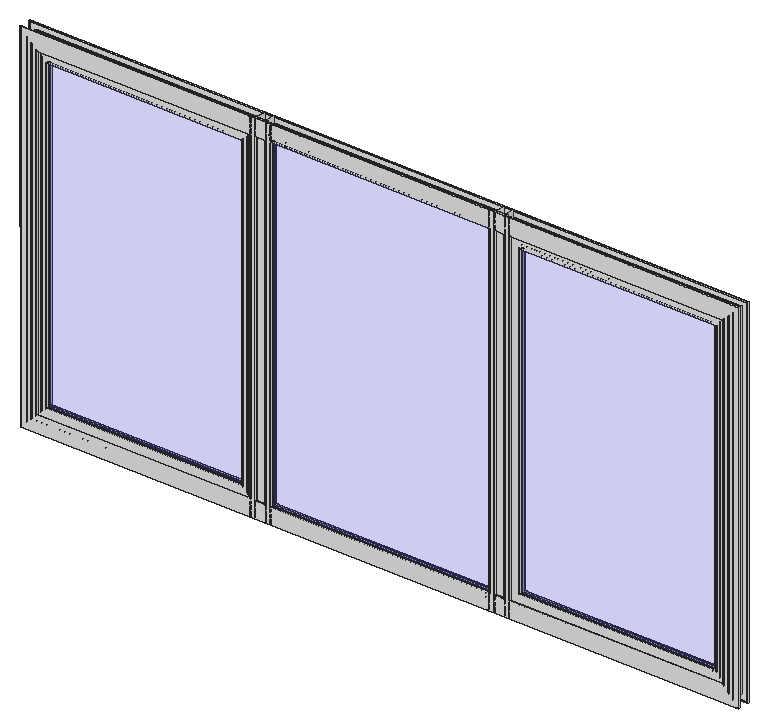
Revit family "WAL_A3-Classic-Side-Hung-1800x900-PSS189", category Windows, host Wall, Revit 2016
Family settings
  Host = Wall
  Always vertical = Yes
  Cut with Voids When Loaded = No
  Shared = No
  Room Calculation Point = No
Parameters (values of type "600 x 900 PSS189")
  URL = "www.agi.co.za"
  Trim Material = Metal - Aluminium
  Model = "Top Hung"
  Manufacturer Code = "PSS189"
  Manufacturer = "AGI Aluminium"
  Height = 900 mm
  Glass Material = Glass
  Frame Material = Metal - Aluminium
  Description = "Classic Side Hung"
  Default Sill Height = 800 mm
  Wall Closure = By host
  Width = 1800 mm
  Assembly Code = "B2020110"
Reference planes
  plane 1 "Center": y = 0
  plane 2 "Center (Left/Right)": x = 0
  plane 3 "Left": x = -900
  plane 4 "Right": x = 900
  plane 5 "Sill": z = 800
  plane 6 "Head": z = 1700
  plane 7 "Exterior": y = 75
  plane 8 "Interior": y = -75
  plane 9: z = 1702
  plane 10: x = 902
  plane 11: x = -902
  plane 12: z = 798
  plane 13: z = 1664
  plane 14: z = 836
  plane 15: x = 864
  plane 16: x = -864
  plane 17: x = 300
  plane 18: x = 284
  plane 19: x = 322
  plane 20: x = -300
  plane 21: x = -284
  plane 22: x = -322
  plane 23: z = 1686.1
  plane 24: z = 813.9
Forms (mm)
  Sweep 1, solid, material "Metal - Aluminium", detail levels medium+fine
    path origin (0, 0, 0) x (1, 0, 0) y (0, 0, 1)
      loop
        line (900, 1700) -> (-900, 1700) -> (-900, 800) -> (900, 800) -> (900, 1700)
    profile "Frame : Frame" origin (0, 0, 1700) x (0, 0, -1) y (0, -1, 0)
      loop
        line (0, -30) -> (28, -30) -> (28, -29) -> (26, -29) -> (26, -1) -> (28, -1) -> (28, -7) -> (29, -7) -> (29, -1) -> (37, -1) -> (37, -3.645) -> (38, -3.645) -> (38, -1) -> (40, -1) -> (40, -3.645) -> (41, -3.645) -> (41, 0) -> (0, 0) -> (0, -2) -> (1, -2) -> (1, -1) -> (15.005, -1) -> (15.005, -4) -> (16.005, -4) -> (16.005, -1) -> (25, -1) -> (25, -29) -> (16.005, -29) -> (16.005, -26) -> (15.005, -26) -> (15.005, -29) -> (1, -29) -> (1, -28) -> (0, -28) -> (0, -30)
  Sweep 2, solid, material "Metal - Aluminium", detail levels medium+fine
    path origin (0, 0, 0) x (1, 0, 0) y (0, 0, 1)
      loop
        line (300, 1700) -> (300, 800)
    profile "30 x 50 Center Divide : 30 x 50 Center Divide" origin (300, 0, 1250) x (1, 0, 0) y (0, -1, 0)
      loop
        line (-11, -5) -> (-11, -29) -> (11, -29) -> (11, -5) -> (-11, -5)
      loop
        line (-27.011, 0) -> (-27.011, -3.245) -> (-26.011, -3.245) -> (-26.011, -1) -> (-24.011, -1) -> (-24.011, -3.245) -> (-23.011, -3.245) -> (-23.011, -1) -> (-15.011, -1) -> (-15.011, -6.6) -> (-14.011, -6.6) -> (-14.011, -1) -> (-13.142, -1) -> (-12, -5.263) -> (-12, -29) -> (-14, -29) -> (-14, -30) -> (14, -30) -> (14, -29) -> (12, -29) -> (12, -5.263) -> (13.142, -1) -> (14, -1) -> (14, -7) -> (15, -7) -> (15, -1) -> (23, -1) -> (23, -3.645) -> (24, -3.645) -> (24, -1) -> (26, -1) -> (26, -3.645) -> (27, -3.645) -> (27, 0) -> (12.375, 0) -> (11.303, -4) -> (-11.303, -4) -> (-12.375, 0) -> (-27.011, 0)
  Sweep 3, solid, material "Metal - Aluminium", detail levels medium+fine
    path origin (0, 0, 0) x (-1, 0, 0) y (0, 0, 1)
      loop
        line (300, 1700) -> (300, 800)
    profile "30 x 50 Center Divide : 30 x 50 Center Divide" origin (-300, 0, 1250) x (1, 0, 0) y (0, -1, 0)
      loop
        line (11, -5) -> (-11, -5) -> (-11, -29) -> (11, -29) -> (11, -5)
      loop
        line (27.011, 0) -> (12.375, 0) -> (11.303, -4) -> (-11.303, -4) -> (-12.375, 0) -> (-27, 0) -> (-27, -3.645) -> (-26, -3.645) -> (-26, -1) -> (-24, -1) -> (-24, -3.645) -> (-23, -3.645) -> (-23, -1) -> (-15, -1) -> (-15, -7) -> (-14, -7) -> (-14, -1) -> (-13.142, -1) -> (-12, -5.263) -> (-12, -29) -> (-14, -29) -> (-14, -30) -> (14, -30) -> (14, -29) -> (12, -29) -> (12, -5.263) -> (13.142, -1) -> (14.011, -1) -> (14.011, -6.6) -> (15.011, -6.6) -> (15.011, -1) -> (23.011, -1) -> (23.011, -3.245) -> (24.011, -3.245) -> (24.011, -1) -> (26.011, -1) -> (26.011, -3.245) -> (27.011, -3.245) -> (27.011, 0)
  Sweep 4, solid, material "Metal - Aluminium", detail levels medium+fine
    path origin (0, 0, 0) x (1, 0, 0) y (0, 0, 1)
      loop
        line (902, 1702) -> (284, 1702) -> (284, 798) -> (902, 798) -> (902, 1702)
    profile "Casement : Casement" origin (593, 0, 1702) x (0, 0, -1) y (0, -1, 0)
      loop
        line (40, -4.645) -> (40, -32.645) -> (49, -32.645) -> (49, -4.645) -> (40, -4.645)
      loop
        line (65, -3.645) -> (37, -3.645) -> (37, -4.645) -> (39, -4.645) -> (39, -32.645) -> (37, -32.645) -> (37, -26.645) -> (36, -26.645) -> (36, -32.645) -> (28, -32.645) -> (28, -30) -> (27, -30) -> (27, -32.645) -> (25, -32.645) -> (25, -30) -> (24, -30) -> (24, -33.645) -> (50, -33.645) -> (50, -4.645) -> (52, -4.645) -> (52, -10.645) -> (53, -10.645) -> (53, -4.645) -> (61, -4.645) -> (61, -7.289) -> (62, -7.289) -> (62, -4.645) -> (64, -4.645) -> (64, -7.289) -> (65, -7.289) -> (65, -3.645)
  Sweep 5, solid, material "Metal - Aluminium", detail levels medium+fine
    path origin (0, 0, 0) x (-1, 0, 0) y (0, 0, 1)
      loop
        line (902, 1702) -> (284, 1702) -> (284, 798) -> (902, 798) -> (902, 1702)
    profile "Casement : Casement" origin (-593, 0, 1702) x (0, 0, 1) y (0, -1, 0)
      loop
        line (-40, -4.645) -> (-49, -4.645) -> (-49, -32.645) -> (-40, -32.645) -> (-40, -4.645)
      loop
        line (-65, -3.645) -> (-65, -7.289) -> (-64, -7.289) -> (-64, -4.645) -> (-62, -4.645) -> (-62, -7.289) -> (-61, -7.289) -> (-61, -4.645) -> (-53, -4.645) -> (-53, -10.645) -> (-52, -10.645) -> (-52, -4.645) -> (-50, -4.645) -> (-50, -33.645) -> (-24, -33.645) -> (-24, -30) -> (-25, -30) -> (-25, -32.645) -> (-27, -32.645) -> (-27, -30) -> (-28, -30) -> (-28, -32.645) -> (-36, -32.645) -> (-36, -26.645) -> (-37, -26.645) -> (-37, -32.645) -> (-39, -32.645) -> (-39, -4.645) -> (-37, -4.645) -> (-37, -3.645) -> (-65, -3.645)
  Sweep 6, solid, material "Metal - Aluminium", detail levels medium+fine
    path origin (0, 0, 0) x (1, 0, 0) y (0, 0, 1)
      loop
        line (300, 1686.1) -> (-300, 1686.1) -> (-300, 813.9) -> (300, 813.9) -> (300, 1686.1)
    profile "Trim : Trim" origin (0, 0, 1686.1) x (0, 0, -1) y (0, -1, 0)
      loop
        line (24.555, -1.643) -> (24.555, -4.05)
        arc (24.555, -4.05) -> (23.436, -4.753) -> (23, -6) r 2
        line (23, -6) -> (27, -6)
        arc (27, -6) -> (26.552, -4.739) -> (25.41, -4.042) r 2
        line (25.41, -4.042) -> (25.41, -1.643) -> (24.555, -1.643)
      loop
        line (14, -29) -> (29, -14) -> (29, -12.474) -> (26.323, -12.474)
        arc (26.323, -12.474) -> (26.823, -11.797) -> (27, -10.974) r 2
        line (27, -10.974) -> (23, -10.974)
        arc (23, -10.974) -> (23.177, -11.797) -> (23.677, -12.474) r 2
        line (23.677, -12.474) -> (13.467, -12.474) -> (13.467, -4) -> (12.5, -4) -> (12.5, -13.474) -> (20.535, -13.474) -> (24.323, -17.263) -> (12.586, -29) -> (14, -29)
  Sweep 7, solid, material "Metal - Aluminium", detail levels medium+fine
    path origin (0, 0, 0) x (1, 0, 0) y (0, 0, 1)
      loop
        line (864, 1664) -> (322, 1664) -> (322, 836) -> (864, 836) -> (864, 1664)
    profile "Trim : Trim" origin (593, 0, 1664) x (0, 0, -1) y (0, -1, 0)
      loop
        line (24.555, -4.643) -> (24.555, -7.05)
        arc (24.555, -7.05) -> (23.436, -7.753) -> (23, -9) r 2
        line (23, -9) -> (27, -9)
        arc (27, -9) -> (26.552, -7.739) -> (25.41, -7.042) r 2
        line (25.41, -7.042) -> (25.41, -4.643) -> (24.555, -4.643)
      loop
        line (14, -32) -> (29, -17) -> (29, -15.474) -> (26.323, -15.474)
        arc (26.323, -15.474) -> (26.823, -14.797) -> (27, -13.974) r 2
        line (27, -13.974) -> (23, -13.974)
        arc (23, -13.974) -> (23.177, -14.797) -> (23.677, -15.474) r 2
        line (23.677, -15.474) -> (13.467, -15.474) -> (13.467, -7) -> (12.5, -7) -> (12.5, -16.474) -> (20.535, -16.474) -> (24.323, -20.263) -> (12.586, -32) -> (14, -32)
  Sweep 8, solid, material "Metal - Aluminium", detail levels medium+fine
    path origin (0, 0, 0) x (1, 0, 0) y (0, 0, 1)
      loop
        line (-322, 1664) -> (-864, 1664) -> (-864, 836) -> (-322, 836) -> (-322, 1664)
    profile "Trim : Trim" origin (-593, 0, 1664) x (0, 0, -1) y (0, -1, 0)
      loop
        line (24.555, -4.643) -> (24.555, -7.05)
        arc (24.555, -7.05) -> (23.436, -7.753) -> (23, -9) r 2
        line (23, -9) -> (27, -9)
        arc (27, -9) -> (26.552, -7.739) -> (25.41, -7.042) r 2
        line (25.41, -7.042) -> (25.41, -4.643) -> (24.555, -4.643)
      loop
        line (14, -32) -> (29, -17) -> (29, -15.474) -> (26.323, -15.474)
        arc (26.323, -15.474) -> (26.823, -14.797) -> (27, -13.974) r 2
        line (27, -13.974) -> (23, -13.974)
        arc (23, -13.974) -> (23.177, -14.797) -> (23.677, -15.474) r 2
        line (23.677, -15.474) -> (13.467, -15.474) -> (13.467, -7) -> (12.5, -7) -> (12.5, -16.474) -> (20.535, -16.474) -> (24.323, -20.263) -> (12.586, -32) -> (14, -32)
  Extrusion 9, solid, material "Glass", detail levels medium+fine
    sketch origin (0, 0, 0) x (1, 0, 0) y (0, 1, 0)
      loop
        line (-277.019, 10.974) -> (-277.019, 6) -> (277, 6) -> (277, 10.974) -> (-277.019, 10.974)
    from 836.9 to 1663.1
  Extrusion 10, solid, material "Glass", detail levels medium+fine
    sketch origin (0, 0, 0) x (1, 0, 0) y (0, 1, 0)
      loop
        line (344.981, 13.974) -> (344.981, 9) -> (841, 9) -> (841, 13.974) -> (344.981, 13.974)
      loop
        line (-841.019, 13.974) -> (-841.019, 9) -> (-345, 9) -> (-345, 13.974) -> (-841.019, 13.974)
    from 859 to 1641
Cuts and joins
  joined: Sweep 1, Sweep 2, Sweep 3
Lines and regions (mm)
  Opening 1
    outline origin (3500, -75, 0) x (1, 0, 0) y (0, 0, 1)
      loop
        line (-2600, 800) -> (-2600, 1700) -> (-4400, 1700) -> (-4400, 800) -> (-2600, 800)
  symbolic lines, style "Elevation Swing"
    curve 1: line (878, 0, 1678) -> (308, 0, 1250)
    curve 2: line (308, 0, 1250) -> (877, 0, 823)
    curve 3: line (-878, 0, 1678) -> (-308, 0, 1250)
    curve 4: line (-308, 0, 1250) -> (-877, 0, 823)
Text (mm)
  text "EXTERIOR" at (-1963.203, 1332.353, 0), in view "Ref. Level"
  text "INTERIOR" at (-1981.466, -818.386, 0), in view "Ref. Level"
  text "Exterior" at (0, 923.751, 2943.296), in view "Right"
  text "Exterior" at (0, 1040.484, 2685.409), in view "Left"
Dimensions and locks
  equal spacing: plane 3 "Left", plane 2 "Center (Left/Right)", plane 4 "Right"
  "Width": plane 3 "Left" to plane 4 "Right"
  "Height": plane 5 "Sill" to plane 6 "Head"
  "Default Sill Height": plane 5 "Sill" to level
  locked: plane 7 "Exterior" to host wall at 0
  locked: plane 8 "Interior" to host wall
  locked: plane 12 to plane 5 "Sill" at 2
  locked: plane 6 "Head" to plane 9 at 2
  locked: plane 4 "Right" to plane 10 at 2
  locked: plane 11 to plane 3 "Left" at 2
  locked: plane 15 to plane 4 "Right" at 36
  locked: plane 3 "Left" to plane 16 at 36
  locked: plane 5 "Sill" to plane 14 at 36
  locked: plane 13 to plane 6 "Head" at 36
  locked: plane 17 to plane 4 "Right" at 600
  locked: plane 18 to plane 17 at 16
  locked: plane 19 to plane 17 at 22
  locked: plane 20 to plane 3 "Left" at 600
  locked: plane 21 to plane 20 at 16
  locked: plane 22 to plane 20 at 22
  locked: plane 5 "Sill" to plane 24 at 13.9
  locked: plane 23 to plane 6 "Head" at 13.9
  aligned and locked: host wall to Sweep 1 sketch curve
  aligned and locked: Sweep 1 sketch curve to host wall  (x3)
  aligned and locked: plane 6 "Head" to Sweep 2 sketch curve
  aligned and locked: plane 5 "Sill" to Sweep 2 sketch curve
  aligned and locked: Sweep 2 sketch curve to plane 17
  aligned and locked: plane 6 "Head" to Sweep 3 sketch curve
  aligned and locked: plane 5 "Sill" to Sweep 3 sketch curve
  aligned and locked: plane 20 to Sweep 3 sketch curve
  aligned and locked: plane 12 to Sweep 4 sketch curve
  aligned and locked: Sweep 4 sketch curve to plane 9
  aligned and locked: plane 10 to Sweep 4 sketch curve
  aligned and locked: Sweep 4 sketch curve to plane 18
  aligned and locked: plane 9 to Sweep 5 sketch curve
  aligned and locked: Sweep 5 sketch curve to plane 12
  aligned and locked: plane 21 to Sweep 5 sketch curve
  aligned and locked: plane 11 to Sweep 5 sketch curve
  aligned and locked: plane 24 to Sweep 6 sketch curve
  aligned and locked: Sweep 6 sketch curve to plane 23
  aligned and locked: plane 17 to Sweep 6 sketch curve
  aligned and locked: plane 20 to Sweep 6 sketch curve
  aligned and locked: plane 14 to Sweep 7 sketch curve
  aligned and locked: plane 19 to Sweep 7 sketch curve
  aligned and locked: plane 15 to Sweep 7 sketch curve
  aligned and locked: Sweep 7 sketch curve to plane 13
  aligned and locked: plane 14 to Sweep 8 sketch curve
  aligned and locked: Sweep 8 sketch curve to plane 13
  aligned and locked: plane 22 to Sweep 8 sketch curve
  aligned and locked: Sweep 8 sketch curve to plane 16
  aligned and locked: Sweep 6 to Extrusion 9 sketch curve  (x2)
  aligned and locked: Extrusion 9 sketch curve to Sweep 6  (x2)
  aligned and locked: Extrusion 9 to Sweep 6  (x2)
  aligned and locked: Sweep 7 to Extrusion 10 sketch curve  (x2)
  aligned and locked: Extrusion 10 sketch curve to Sweep 7  (x2)
  aligned and locked: Sweep 8 to Extrusion 10 sketch curve  (x2)
  aligned and locked: Extrusion 10 sketch curve to Sweep 8  (x2)
  aligned and locked: Extrusion 10 to Sweep 7
  aligned and locked: Extrusion 10 to Sweep 8
Automatic sketch dimensions
  Opening 1 sketch curve to plane 3 "Left" = 0 mm
  Opening 1 sketch curve to plane 4 "Right" = 0 mm
  Opening 1 sketch curve to plane 5 "Sill" = 0 mm
  Opening 1 sketch curve to plane 6 "Head" = 0 mm
  plane 16 to curve 3 = 14 mm
  plane 16 to curve 4 = 13 mm
  curve 4 to plane 20 = 8 mm
  curve 2 to plane 17 = 8 mm
  curve 2 to plane 15 = 13 mm
  curve 1 to plane 15 = 14 mm
  plane 24 to curve 2 = 9.1 mm
  plane 24 to curve 4 = 9.1 mm
  curve 2 to plane 13 = 414 mm
  curve 4 to plane 13 = 414 mm
  curve 3 to plane 23 = 8.1 mm
  curve 1 to plane 23 = 8.1 mm
